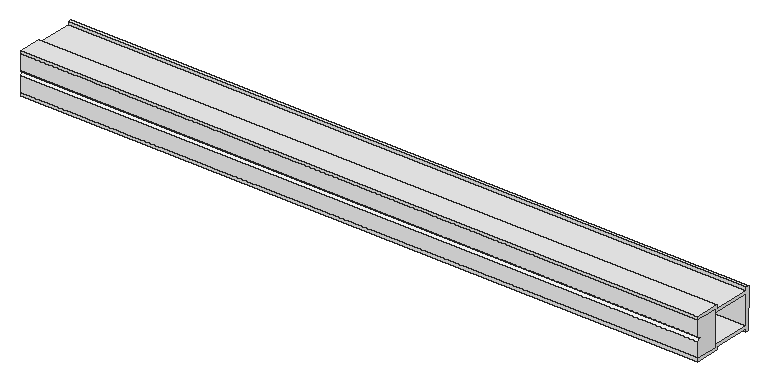
Revit family "4070750+4070746 Feilo Sylvania Lighting Fixture CURSUS 591MM 365LM WIDE LED 3K with CONTINUOUS WALL HOUSING", category Lighting Fixtures, host Face, Revit 2017
Family settings
  Host = Face
  Round Connector Dimension = Use Diameter
  Part Type = Normal
  OmniClass Number = 23.80.70.14
  OmniClass Title = Luminaries for External Lighting
  Cut with Voids When Loaded = Yes
  Light Source = Yes
  Shared = Yes
  Room Calculation Point = No
Parameters (values of type "4070750 CURSUS 591MM 365LM WIDE LED 3K")
  Width_FEILO = 35 mm
  Weight = "1.2 kg"
  Wattage Comments = "n/a"
  Wattage = 9 W
  WarrantyStartDate [instance] = "n/a"
  WarrantyGuarantorParts = "n/a"
  WarrantyDurationUnit = "n/a"
  WarrantyDurationParts = "n/a"
  WarrantyDescription = "n/a"
  WallThickness_FEILO = 2.5 mm
  built-in parameter 1150110 = 1 (stored number, unit not read)
  Voltage = 24 V
  URL = "http://www.sylvania-lighting.com"
  TypeName = "CURSUS 591MM 365LM WIDE LED 3K"
  Type Image = <None>
  Type Comments = "n/a"
  built-in parameter 1114217 = 1 (stored number, unit not read)
  Tilt Angle = -90.00°
  built-in parameter 1150109 = 1 (stored number, unit not read)
  built-in parameter 1150134 = (empty or 0)
  built-in parameter 1150113 = 1 (stored number, unit not read)
  SerialNumber [instance] = "n/a"
  ReflectorMaterial = none
  PowerFactor = 0
  PowerConsumption = "9 W"
  Photometric Web File = "4070750.ies"
  NominalLength = 591 mm
  NominalHeight = 50 mm
  NominalDepth = 30 mm
  Name = "CURSUS 591MM 365LM WIDE LED 3K"
  ModelReference = Name  # "CURSUS 591MM 365LM WIDE LED 3K"
  ModelNumber = "4070750"
  Model = Name  # "CURSUS 591MM 365LM WIDE LED 3K"
  Material = "natural anodised extruded aluminium structure housing"
  ManufacturerName = "Feilo Sylvania"
  Manufacturer = "Feilo Sylvania"
  LuminousEfficacy = "40.55 lm/W"
  built-in parameter 1150105 = 201.45 (stored number, unit not read)
  Lumens = 365 lm
  LuminaireType = ""
  built-in parameter 1150115 = 1 (stored number, unit not read)
  LightOutputRatio = "100"
  built-in parameter 1150137 = (empty or 0)
  built-in parameter 1150139 = (empty or 0)
  Length_FEILO = 597 mm
  LampsType = Lamp  # "LED"
  LampNominalLuminous = "365 lm"
  LampMacAdamStep = "n/a"
  LampColourTemperature = "3000 K"
  LampColourRenderingIndex = "80"
  built-in parameter 1150112 = 1 (stored number, unit not read)
  built-in parameter 1150114 = 1 (stored number, unit not read)
  Lamp = "LED"
  Keynote = "16500"
  InstallationDate [instance] = "n/a"
  InputVoltage = "24V DC"
  InputNominalFrequency = "n/a"
  built-in parameter 1150132 = (empty or 0)
  built-in parameter 1150102 = (empty or 0)
  built-in parameter 1150107 = 3000 (stored number, unit not read)
  built-in parameter 1150138 = (empty or 0)
  IngressProtection = "IP67"
  ImpactProtectionIndex = "IK07"
  built-in parameter 1150106 = 2.0145 (stored number, unit not read)
  IfcExportType = "IfcLightFixtureType"
  IfcExportAs = "IfcLightFixtureType"
  ExpectedLife = 50000
  EndCapRight [instance] = no
  EndCapLeft [instance] = no
  Emit from Rectangle Width = Width_FEILO - WallThickness_FEILO * 2  # 30 mm
  Emit from Rectangle Length = Length_FEILO - WallThickness_FEILO * 2  # 592 mm
  Emit Shape Visible in Rendering = no
  ElectricShockClassification = "Class III"
  built-in parameter 1150104 = 3.7677 (stored number, unit not read)
  DurationUnit = "hours"
  DocumentationLiterature = "http://www.sylvania-lighting.com/product/en-int/products/4070750"
  DimmingControlOptions = "n/a"
  Dimming Lamp Color Temperature Shift = <None>
  DiffuserMaterial = Diffuser-Sylvania-Glow
  Description = "LED Exterior Lighting Recessed Surface Mounted Linear Fixture, Natural anodised extruded aluminium structure. Die-cast aluminium end caps. Installation kit with harmonic steel springs., 365 lm, 9W, 40lm/W, 3000K, CRI80+,non dimmable,IP67, IK07, (HxWxD) 591x50x30mm, 3 step Mac Adam Ellipse, 1.2kg,, Classe III, 21-25V-DC, energy class : A++, A+, A"
  Default Elevation = 1219.2 mm
  CreatedOn = "1/8/2018"
  CreatedBy = ""
  Cost = 0
  Color Filter = 16777215
  built-in parameter 1114216 [instance] = (empty or 0)
  ClassificationValue = "EF_70_80"
  ClassificationName = "Uniclass2015"
  BodyMaterial = Body-Sylvania-Gray
  BarCode [instance] = "n/a"
  built-in parameter 1114218 = 1 (stored number, unit not read)
  built-in parameter 1150133 = 10 (stored number, unit not read)
  AssetType = "Fixed"
  AssetIdentifier [instance] = "n/a"
  Assembly Code = "D5020200"
  Apparent Load = 9 VA
  AccessoryMaterial = Diffuser-Sylvania-Glow
Reference planes
  plane 1 "Center (Front/Back)": y = 0
  plane 2: z = 0
  plane 3 "Center (Left/Right)": x = 0
  plane 4: x = 298.5
  plane 5: x = -298.5
  plane 6: x = -296
  plane 7: x = 296
  plane 8: z = 35
  plane 9: z = 17.5
  plane 10: z = 32.5
  plane 11: z = 2.5
  plane 12: z = 30
  plane 13: z = 5
  plane 14: y = -55
  plane 15: y = -53
  plane 16: y = -2.5
  plane 17: y = -37
  plane 18: y = -34.5
Forms (mm)
  Extrusion 1, solid, material "Body-Sylvania-Gray" <- "BodyMaterial"
    sketch origin (0, 0, 0) x (0, 1, 0) y (0, 0, 1)
      loop
        line (0, 35) -> (-2.5, 35) -> (-2.5, 32.5) -> (-34.5, 32.5) -> (-34.5, 35) -> (-55, 35) -> (-55, 32.5) -> (-37, 32.5) -> (-37, 30) -> (-2.5, 30) -> (-2.5, 5) -> (-37, 5) -> (-37, 2.5) -> (-55, 2.5) -> (-55, 0) -> (-34.5, 0) -> (-34.5, 2.5) -> (-2.5, 2.5) -> (-2.5, 0) -> (0, 0) -> (0, 35)
    from -296 to 296
  Extrusion 2, solid, material "Diffuser-Sylvania-Glow" <- "DiffuserMaterial"
    sketch origin (0, 0, 0) x (0, 1, 0) y (0, 0, 1)
      loop
        line (-37, 32.5) -> (-55, 32.5) -> (-55, 19.5) -> (-53, 17.5) -> (-55, 15.5) -> (-55, 2.5) -> (-37, 2.5) -> (-37, 32.5)
    from -296 to 296
  Extrusion 3, solid, material "Body-Sylvania-Gray" <- "BodyMaterial", visible <- "EndCapRight"
    sketch origin (296, 1524, 1219.2) x (0, 1, 0) y (0, 0, 1)
      loop
        line (-1579, -1184.2) -> (-1579, -1219.2) -> (-1524, -1219.2) -> (-1524, -1184.2) -> (-1579, -1184.2)
    from 0 to 2.5
  Extrusion 4, solid, material "Body-Sylvania-Gray" <- "BodyMaterial", visible <- "EndCapLeft"
    sketch origin (-296, 1524, 1219.2) x (0, 1, 0) y (0, 0, 1)
      loop
        line (-1579, -1184.2) -> (-1579, -1219.2) -> (-1524, -1219.2) -> (-1524, -1184.2) -> (-1579, -1184.2)
    from -2.5 to 0
Dimensions and locks
  equal spacing: plane 5, plane 3 "Center (Left/Right)", plane 4
  "Length_FEILO": plane 5 to plane 4
  equal spacing: plane 6, plane 3 "Center (Left/Right)", plane 7
  "WallThickness_FEILO": plane 5 to plane 6
  locked: plane 9 to plane 2 at 17.5
  locked: plane 8 to plane 2 at 35
  equal spacing: plane 11, plane 9, plane 10
  equal spacing: plane 13, plane 9, plane 12
  "WallThickness_FEILO": plane 12 to plane 10
  locked: plane 14 to plane 15 at 2
  locked: plane 14 to plane 17 at 18
  "WallThickness_FEILO": plane 17 to plane 18
  "WallThickness_FEILO": plane 16 to plane 1 "Center (Front/Back)"
  locked: plane 15 to Extrusion 2 sketch curve (angle 45.00°)
  locked: Extrusion 2 sketch curve to plane 15 (angle 45.00°)
  aligned and locked: plane 2 to host face
  aligned and locked: level to host face
  aligned and locked: plane 1 "Center (Front/Back)" to Extrusion 1 sketch curve
  aligned and locked: Extrusion 1 sketch curve to plane 8  (x2)
  aligned and locked: plane 16 to Extrusion 1 sketch curve
  aligned and locked: host face to Extrusion 1 sketch curve
  aligned and locked: Extrusion 1 sketch curve to plane 16  (x2)
  aligned and locked: Extrusion 1 sketch curve to plane 11
  aligned and locked: plane 18 to Extrusion 1 sketch curve
  aligned and locked: level to Extrusion 1 sketch curve
  aligned and locked: plane 11 to Extrusion 1 sketch curve
  aligned and locked: Extrusion 1 sketch curve to plane 17
  aligned and locked: plane 13 to Extrusion 1 sketch curve
  aligned and locked: Extrusion 1 sketch curve to plane 12
  aligned and locked: plane 10 to Extrusion 1 sketch curve  (x2)
  aligned and locked: plane 17 to Extrusion 1 sketch curve  (x2)
  aligned and locked: plane 12 to Extrusion 1 sketch curve
  aligned and locked: Extrusion 1 sketch curve to plane 10
  aligned and locked: Extrusion 1 sketch curve to plane 18
  aligned and locked: plane 7 to Extrusion 1
  aligned and locked: Extrusion 1 to plane 6
  aligned and locked: Extrusion 2 sketch curve to Extrusion 1  (x4)
  aligned and locked: Extrusion 1 to Extrusion 2 sketch curve
  aligned and locked: plane 9 to Extrusion 2 sketch curve
  aligned and locked: plane 7 to Extrusion 2
  aligned and locked: Extrusion 2 to plane 6
  aligned and locked: Extrusion 3 sketch curve to Extrusion 1  (x4)
  aligned and locked: plane 4 to Extrusion 3
  aligned and locked: Extrusion 3 to plane 7
  aligned and locked: Extrusion 4 sketch curve to Extrusion 3  (x3)
  aligned and locked: Extrusion 4 sketch curve to Extrusion 1
  aligned and locked: Extrusion 4 to plane 5
  aligned and locked: plane 6 to Extrusion 4
  aligned and locked: plane 14 to imposter light
  aligned and locked: imposter light to plane 9
  aligned and locked: plane 3 "Center (Left/Right)" to imposter light
Automatic sketch dimensions
  host sketch curve to host sketch curve = 2438.4 mm  (x2)
  Extrusion 1 sketch curve to plane 14 = 0 mm  (x2)
  Extrusion 2 sketch curve to plane 15 = 0 mm
Connectors
  electrical at (0, 0, 0), driven by "Apparent Load", driven by "PowerFactor", driven by "Voltage"
    settings: index 1, voltage 24 V, apparent load 9 VA, apparent load phase1 0 VA, apparent load phase2 0 VA, apparent load phase3 0 VA, power factor 0, load classification "Lighting", number of poles 1, system type 30, power factor state 1, is connector primary yes, connector utility no, sub classification motor no, connector description ""
